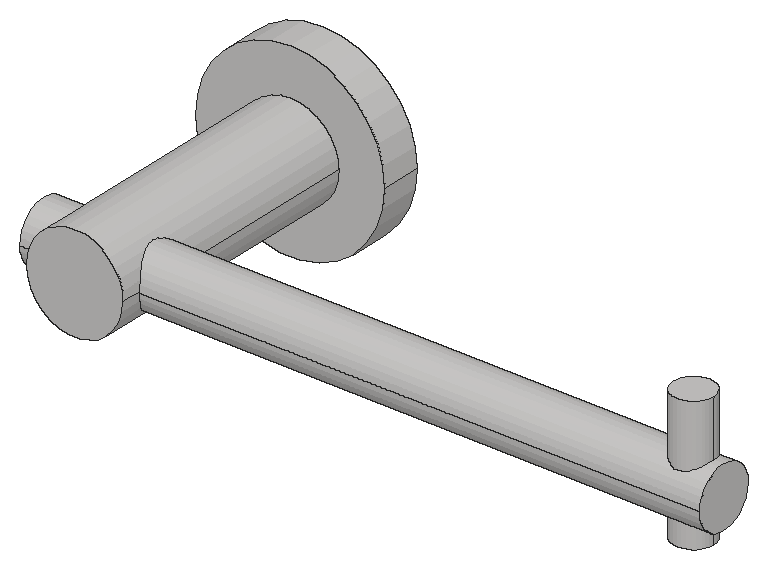
Revit family "Toilet Roll Dispenser_Metlam_Single_Bar", category Specialty Equipment, Revit 2016
Family settings
  Part Type = Normal
  Round Connector Dimension = Use Diameter
  OmniClass Number = 23.40.20.21.21
  OmniClass Title = Toilet Paper Dispensers
  Work Plane-Based = No
  Always vertical = Yes
  Cut with Voids When Loaded = No
  Shared = No
  Room Calculation Point = Yes
Parameters (values of type "175w x 77d x 47h (700_SS_TRH)")
  URL = "http://www.metlam.com.au/"
  Type Comments = "Toilet Roll Dispensers"  # constant formula
  Model = "700_SS_TRH"
  Material_ANZRS = z_Metlam_Metal_Stainless Steel_Satin
  Manufacturer_URL__Product Specific = "https://www.metlam.com.au/product/content/toilet-roll-dispensers/700_SS_TRH"
  Manufacturer_Spec Code = Model  # "700_SS_TRH"
  Manufacturer_Overall Width = 175 mm  # constant formula
  Manufacturer_Overall Height = 47 mm  # constant formula
  Manufacturer_Overall Depth = 77 mm  # constant formula
  Manufacturer_Height From FFL [instance] = 585 mm
  Manufacturer = "Metlam"  # constant formula
  Description = "Single Toilet Roll Holder"
  CreatedBy_ANZRS = "IGS BIM Solutions"  # constant formula
  CreatedByURL_ANZRS = "http://www.igsgroup.com.au/"
  Assembly Code = ""
Reference planes
  plane 1 "Back": y = 0
  plane 2 "Ref. Level": z = 0
  plane 3 "Centre (Left/Right)": x = 0
  plane 4 "Bottom": z = 561.5
  plane 5 "Right": x = 151.5
  plane 6 "Front": y = -77
  plane 7 "Top": z = 608.5
  plane 8 "Centre (Elevation)": z = 585
  plane 9 "Bar_Centre (Front/Back)": y = -64.5
  plane 10 "Left": x = -23.5
Forms (mm)
  Extrusion 1, solid, material "z_Metlam_Metal_Stainless Steel_Satin" <- "Material_ANZRS"
    sketch origin (0, 0, 0) x (1, 0, 0) y (0, 0, 1)
      loop
        circle (0, 585) r 23.5
    from 0 to 10
  Extrusion 2, solid, material "z_Metlam_Metal_Stainless Steel_Satin" <- "Material_ANZRS"
    sketch origin (0, 0, 0) x (1, 0, 0) y (0, 0, 1)
      loop
        circle (0, 585) r 12
    from 0 to 77
  Extrusion 3, solid, material "z_Metlam_Metal_Stainless Steel_Satin" <- "Material_ANZRS"
    sketch origin (0, 0, 0) x (0, 1, 0) y (0, 0, 1)
      loop
        circle (-64.5, 585) r 7.5
    from -17.75 to 151.5
  Extrusion 4, solid, material "z_Metlam_Metal_Stainless Steel_Satin" <- "Material_ANZRS"
    sketch origin (0, 0, 585) x (1, 0, 0) y (0, 1, 0)
      loop
        circle (144, -64.5) r 5
    from -11.5 to 21.5
Cuts and joins
  joined: Extrusion 1, Extrusion 2, Extrusion 3, Extrusion 4
Lines and regions (mm)
  Masking region 1
    outline origin (0, 0, 585) x (-1, 0, 0) y (0, -1, 0)
      loop
        line (23.5, 0) -> (23.5, 10) -> (12, 10) -> (12, 57) -> (17.75, 57) -> (17.75, 72) -> (12, 72) -> (12, 77) -> (-12, 77) -> (-12, 72) -> (-151.5, 72) -> (-151.5, 57) -> (-12, 57) -> (-12, 10) -> (-23.5, 10) -> (-23.5, 0) -> (23.5, 0)
  symbolic lines, style "Bathroom Fixtures", detail levels medium+fine
    curve 1: line (-12, -10, 585) -> (12, -10, 585)
    curve 2: line (-12, -57, 585) -> (-12, -72, 585)
    curve 3: line (12, -57, 585) -> (12, -72, 585)
    curve 4: circle (144, -64.5, 585) r 5 normal (0, 0, 1)
Text (mm)
  text "> Contact Manufacturer to confirm feasibility of design variations outside the scope of this Revit Family\n\n\n\nDisclaimer:\n\nDue to ongoing product development and manufacturing evolution, product details are subject to change without notice. Please refer to product technical data sheets on the manufacturer’s website for the most current product information. Please allow a +/- 5mm manufacturing tolerance for dimensions and set-outs shown in product literature." at (247.465, 104.37, 0), in view "Ref. Level_Instruction"
Dimensions and locks
  "Manufacturer_Height From FFL": plane 8 "Centre (Elevation)" to plane 2 "Ref. Level"
  "Manufacturer_Overall Depth": plane 6 "Front" to plane 1 "Back"
  "Manufacturer_Overall Height": plane 7 "Top" to plane 4 "Bottom"
  equal spacing: plane 7 "Top", plane 8 "Centre (Elevation)", plane 4 "Bottom"
  locked: Extrusion 4 sketch curve to plane 5 "Right" at 7.5
  "Manufacturer_Overall Width": plane 10 "Left" to plane 5 "Right"
  locked: plane 10 "Left" to plane 3 "Centre (Left/Right)" at 23.5
  locked: plane 9 "Bar_Centre (Front/Back)" to plane 6 "Front" at 12.5
  aligned and locked: level to plane 2 "Ref. Level"
  aligned and locked: plane 8 "Centre (Elevation)" to Extrusion 1 sketch curve
  aligned and locked: plane 3 "Centre (Left/Right)" to Extrusion 1 sketch curve
  aligned and locked: plane 3 "Centre (Left/Right)" to Extrusion 2 sketch curve
  aligned and locked: plane 8 "Centre (Elevation)" to Extrusion 2 sketch curve
  aligned and locked: cut or joined group of Extrusion 1, Extrusion 2, Extrusion 3, Extrusion 4 to plane 6 "Front"
  aligned and locked: plane 9 "Bar_Centre (Front/Back)" to Extrusion 3 sketch curve
  aligned and locked: plane 8 "Centre (Elevation)" to Extrusion 3 sketch curve
  aligned and locked: Extrusion 3 to plane 5 "Right"
Automatic sketch dimensions
  Extrusion 4 sketch curve to plane 9 "Bar_Centre (Front/Back)" = 0 mm
  Masking region 1 sketch curve to plane 5 "Right" = 0 mm
  Masking region 1 sketch curve to plane 6 "Front" = 0 mm
  Masking region 1 sketch curve to plane 10 "Left" = 0 mm
  plane 1 "Back" to Masking region 1 sketch curve = 0 mm
  plane 3 "Centre (Left/Right)" to Masking region 1 sketch curve = 23.5 mm
  plane 3 "Centre (Left/Right)" to Masking region 1 sketch curve = 12 mm  (x2)
  Masking region 1 sketch curve to Masking region 1 sketch curve = 11.5 mm
  Masking region 1 sketch curve to plane 10 "Left" = 11.5 mm
  Masking region 1 sketch curve to Masking region 1 sketch curve = 5.75 mm
  plane 1 "Back" to Masking region 1 sketch curve = 10 mm  (x2)
  plane 9 "Bar_Centre (Front/Back)" to Masking region 1 sketch curve = 7.5 mm  (x2)
  plane 6 "Front" to Masking region 1 sketch curve = 5 mm  (x2)
  curve 4 to plane 9 "Bar_Centre (Front/Back)" = 0 mm
  plane 5 "Right" to curve 4 = 7.5 mm
  curve 1 to plane 10 "Left" = 11.5 mm
  plane 3 "Centre (Left/Right)" to curve 3 = 12 mm
  plane 3 "Centre (Left/Right)" to curve 1 = 12 mm
  plane 6 "Front" to curve 2 = 5 mm
  curve 2 to plane 10 "Left" = 11.5 mm
  plane 9 "Bar_Centre (Front/Back)" to curve 3 = 7.5 mm
  plane 9 "Bar_Centre (Front/Back)" to curve 2 = 7.5 mm
  plane 6 "Front" to curve 3 = 5 mm
  plane 1 "Back" to curve 1 = 10 mm
  radius of Extrusion 1 sketch curve = 23.5 mm
  radius of Extrusion 2 sketch curve = 12 mm
  radius of Extrusion 3 sketch curve = 7.5 mm
  radius of Extrusion 4 sketch curve = 5 mm
  radius of curve 4 = 5 mm
